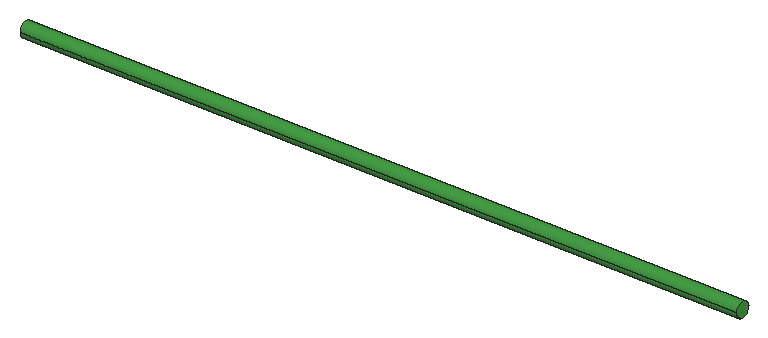
Revit family "Linear Thermal Bridge - Version 3", category Generic Models, Revit 2018
Family settings
  Can host rebar = No
  Round Connector Dimension = Use Diameter
  Part Type = Normal
  Cut with Voids When Loaded = No
  Shared = No
  Room Calculation Point = No
Parameters (values of type "Ambient")
  Version = "3.0 - Feb 2022"
  PHPP fRsi [instance] = 0
  PHPP Thermal bridge - denomination [instance] = ""
  PHPP Sync [instance] = yes
  PHPP Selection building system [instance] = ""
  PHPP Psi [instance] = 0
  PHPP Length of Thermal Bridge [instance] = [built-in parameter 1001306]  # 1000 mm
  PHPP Group Number TB = 15
  PHPP Detail selection [instance] = ""
  Linear Thermal Bridge Material = Green
  built-in parameter 1001306 [instance] = 1000 mm
Types (4, lengths in mm): name | PHPP Group Number TB | Linear Thermal Bridge Material
  (no name) | 15 | Green
  Ambient | 15 | Green
  Perimeter | 16 | Orange
  Floor Slab / Basement Ceiling | 17 | Red
Reference planes
  plane 1 "Center (Front/Back)": y = 0
  plane 2: z = 0
  plane 3 "Left": x = 0
  plane 4 "Right": x = 1000
Forms (mm)
  Extrusion 1, solid, material "Green" <- "Linear Thermal Bridge Material"
    sketch origin (0, 0, 0) x (0, 1, 0) y (0, 0, 1)
      loop
        circle (0, 0) r 10
    from 0 to 1000
Lines and regions (mm)
  reference lines
    curve 1: line (0, 0, 0) -> (1000, 0, 0)
Dimensions and locks
  "built-in parameter 1001306": plane 3 "Left" to plane 4 "Right"
  aligned and locked: plane 4 "Right" to curve 1
  aligned and locked: plane 1 "Center (Front/Back)" to curve 1
  aligned and locked: plane 3 "Left" to curve 1
  aligned and locked: level to plane 2
  aligned and locked: plane 4 "Right" to Extrusion 1
  aligned and locked: Extrusion 1 to plane 3 "Left"
Automatic sketch dimensions
  Extrusion 1 sketch curve to level = 0 mm
  Extrusion 1 sketch curve to plane 1 "Center (Front/Back)" = 0 mm
  radius of Extrusion 1 sketch curve = 10 mm
